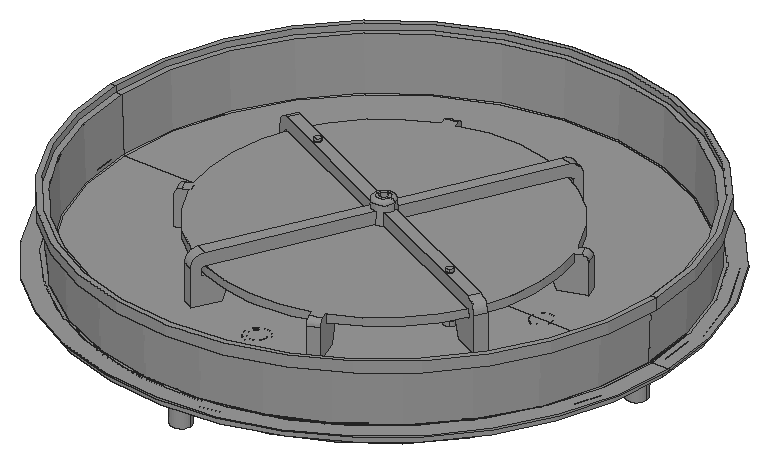
Revit family "MH-Overflow_Updated", category Plumbing Fixtures, Revit 2020
Family settings
  Round Connector Dimension = Use Diameter
  Part Type = Normal
  OmniClass Number = 23.70.50.21.24.11
  OmniClass Title = Roof Waste Water Drains
  Work Plane-Based = No
  Always vertical = Yes
  Cut with Voids When Loaded = No
  Shared = No
  Room Calculation Point = No
Parameters (values of type "MH-300_3"Ø")
  r2 = (12.59843" - 11.14173") / 2  # 0.72835"
  od3 = 0.19497"
  od2 = od1 - 0.07874"  # 0.31496"
  od1 = 0.3937"
  max dia = 141/256"
  linearW = 3.54331"
  linearL = 1.65354"
  id3 = od3 / 2  # 0.09748"
  id1 = od1 / 2  # 0.19685"
  URL = "www.mifab.com"
  SC2 = SC1 / 1.5  # 0.11087"
  SC1 = 0.1663"
  RP2 = id1  # 0.19685"
  Model = "MH-300"
  Manufacturer = "MIFAB\r\n\r\nMIFAB\r\nMIFAB"
  Flow [instance] = 0.0 L/s
  Description = "3\" HydroMax Siphonic Overflow Roof Drain"
  Default Elevation = 0"
  C'1 = C' + 0.41339"  # 5.74803"
  C' = C / 2  # 5.33465"
  RP1 = od2 / 2  # 0.15748"
  R1 = 1.9685" / 9.375  # 0.20997"
  PIPE SIZE' = PIPE SIZE / 2  # 1 1/2"
  PIPE SIZE = 3"
  Material [instance] = Stainless Steel AISI 304
  D = 3.54331"
  C = 10.66929"
  B01 = B' - od1  # 8.52362"
  B' = B / 2  # 8.91732"
  B = 17.83465"
  A' = A / 2  # 9.68504"
  A = 19.37008"
Types (5): name | od3 | od2 | od1 | max dia | linearW | linearL | id3 | id1 | RP2 | Model | Description | C'1 | C' | RP1 | PIPE SIZE' | PIPE SIZE | D | C | B01 | B' | B | A' | A
  (no name) | 0.19497" | 0.31496" | 0.3937" | 141/256" | 3.54331" | 1.65354" | 0.09748" | 0.19685" | 0.19685" | "MH-300" | "3\" HydroMax Siphonic Overflow Roof Drain" | 5.74803" | 5.33465" | 0.15748" | 1 1/2" | 3" | 3.54331" | 10.66929" | 8.52362" | 8.91732" | 17.83465" | 9.68504" | 19.37008"
  MH-300_3"Ø | 0.19497" | 0.31496" | 0.3937" | 141/256" | 3.54331" | 1.65354" | 0.09748" | 0.19685" | 0.19685" | "MH-300" | "3\" HydroMax Siphonic Overflow Roof Drain" | 5.74803" | 5.33465" | 0.15748" | 1 1/2" | 3" | 3.54331" | 10.66929" | 8.52362" | 8.91732" | 17.83465" | 9.68504" | 19.37008"
  MH-400_4"Ø | 0.19497" | 0.3937" | 0.47244" | 141/256" | 3.93701" | 1.83071" | 0.09748" | 0.23622" | 0.23622" | "MH-400" | "4\" HydroMax Siphonic Overflow Roof Drain" | 6.51575" | 6.10236" | 0.19685" | 2" | 4" | 4.33071" | 12.20472" | 8.44488" | 8.91732" | 17.83465" | 9.68504" | 19.37008"
  MH-600_6"Ø | 0.27559" | 0.47244" | 0.55118" | 1 17/64" | 5.51181" | 2.55906" | 0.1378" | 0.27559" | 0.27559" | "MH-600" | "6\" HydroMax Siphonic Overflow Roof Drain" | 8.18898" | 7.77559" | 0.23622" | 3" | 6" | 4.72441" | 15.55118" | 10.59055" | 11.14173" | 22.28346" | 12.59843" | 25.19685"
  MH-500_5"Ø | 0.19497" | 0.3937" | 0.47244" | 141/256" | 3.93701" | 1.83071" | 0.09748" | 0.23622" | 0.23622" | "MH-500" | "5\" HydroMax Siphonic Overflow Roof Drain" | 6.51575" | 6.10236" | 0.19685" | 2 1/2" | 5" | 4.33071" | 12.20472" | 8.44488" | 8.91732" | 17.83465" | 9.68504" | 19.37008"
Reference planes (in)
  plane 1 "Center (Front/Back)": y = 0
  plane 2: z = 0
  plane 3 "Center (Left/Right)": x = 0
  plane 4: x = -8.91732
  plane 5: x = -1.5
  plane 6: z = -3.54331
  plane 7: x = -10.67639
  plane 8 "30.16": z = -1.1874
  plane 9: y = 8.91732
  plane 10: y = -8.91732
  plane 11: x = 8.91732
  plane 12: y = 8.52362
  plane 13: y = -8.52362
  plane 14: x = -8.52362
  plane 15: x = 8.52362
  plane 16: z = -1.50236
  plane 17: x = 5.33465
  plane 18: x = -5.33465
  plane 19: y = 5.33465
  plane 20: y = -5.33465
  plane 21: through (-3.9624, 1.85193, 47.24409) normal (0.4226, 0.9063, 0)
  plane 22: through (1.68821, 3.64509, 47.24409) normal (0.9063, -0.4226, 0)
  plane 23: through (0.00098, -0.00221, 47.24409) normal (0.342, -0.9397, 0)
  plane 24: through (0, 0, 47.24409) normal (0.9397, 0.342, 0)
  plane 25: x = 3.54331
  plane 26: y = -1.65354
  plane 27: through (27.53366, 1.85193, 47.24409) normal (0.4226, 0.9063, 0)
  plane 28: through (31.50514, 0, 47.24409) normal (-0.9063, 0.4226, 0)
  plane 29: z = 2.02323
Forms (in)
  Revolve 1, solid, material "Stainless Steel AISI 304" <- "Material"
    sketch origin (0, 0, 0) x (1, 0, 0) y (0, 0, 1)
      loop
        line (-1.5, -3.54331) -> (-1.38189, -3.54331) -> (-1.38189, -1.69291)
        arc (-1.38189, -1.69291) -> (-1.66812, -0.99713) -> (-2.36298, -0.70866) r 0.98109
        line (-2.36298, -0.70866) -> (-8.46127, -0.70866) -> (-8.86685, -0.1456)
        arc (-8.86685, -0.1456) -> (-8.99458, -0.06025) -> (-9.14524, -0.03028) r 0.3937
        line (-9.14524, -0.03028) -> (-9.37992, -0.03028) -> (-9.37992, -0.30588) -> (-9.22244, -0.30588)
        arc (-9.22244, -0.30588) -> (-9.06988, -0.23141) -> (-8.91732, -0.30588) r 0.19351
        line (-8.91732, -0.30588) -> (-8.50725, -0.82677) -> (-2.48425, -0.82677)
        arc (-2.48425, -0.82677) -> (-1.78828, -1.11505) -> (-1.5, -1.81102) r 0.98425
        line (-1.5, -1.81102) -> (-1.5, -3.54331)
      axis (0, -0.03028) -> (0, -3.54331)
    angle from 0 to 360
  Extrusion 2, void
    sketch origin (0, 0, 0) x (1, 0, 0) y (0, 1, 0)
      loop
        circle (0, 8.52362) r 0.19685
      loop
        circle (8.52362, 0) r 0.19685
      loop
        circle (-8.52362, 0) r 0.19685
      loop
        circle (0, -8.52362) r 0.19685
    from -1.9685 to -0.82677
  Revolve 3, solid, material "Stainless Steel AISI 304" <- "Material"
    sketch origin (0, 0, 0) x (1, 0, 0) y (0, 0, 1)
      loop
        line (-9.5889, -0.03028) -> (-9.03812, -0.03028)
        arc (-9.03812, -0.03028) -> (-8.97477, -0.04007) -> (-8.91732, -0.06851) r 0.20997
        line (-8.91732, -0.06851) -> (-8.80162, -0.22777) -> (0, -0.22777) -> (0, -0.1884) -> (-8.78156, -0.1884) -> (-8.88876, -0.04085)
        arc (-8.88876, -0.04085) -> (-8.95941, -0.00387) -> (-9.03812, 0.00889) r 0.24915
        line (-9.03812, 0.00889) -> (-9.5889, 0.00889) -> (-9.5889, -0.03028)
      axis (0, -0.22777) -> (0, 0.00889)
    angle from 0 to 360
  Revolve 4, void
    sketch origin (0, 0, 0) x (1, 0, 0) y (0, 0, 1)
      loop
        line (-5.33465, 0.00889) -> (-5.69075, 0.00889)
        arc (-5.69075, 0.00889) -> (-5.6605, -0.02595) -> (-5.64961, -0.07078) r 0.09771
        line (-5.64961, -0.07078) -> (-5.64961, -0.30588) -> (-5.33465, -0.30588) -> (-5.33465, 0.00889)
      axis (-5.33465, 0.00889) -> (-5.33465, -0.30588)
    angle from 0 to 360
  Revolve 5, solid, material "Stainless Steel AISI 304" <- "Material"
    sketch origin (0, 0, 0) x (1, 0, 0) y (0, 0, 1)
      loop
        line (0, -0.1884) -> (0, 0.02267) -> (-8.73192, 0.02267) -> (-8.76239, 0.05314) -> (-8.82426, 1.82496) -> (-9.01965, 1.82496) -> (-9.01965, 2.02323) -> (-9.17713, 2.02323) -> (-9.17713, 1.66748) -> (-8.97634, 1.66748) -> (-8.91732, -0.02246) -> (-8.88876, -0.04085) -> (-8.78156, -0.1884) -> (0, -0.1884)
      axis (0, -0.1884) -> (0, 2.02323)
    angle from 0 to 360
  Revolve 6, void
    sketch origin (0, 0, 0) x (-1, 0, 0) y (0, 0, 1)
      loop
        line (-5.33465, 0.00889) -> (-5.69075, 0.00889)
        arc (-5.69075, 0.00889) -> (-5.6605, -0.02595) -> (-5.64961, -0.07078) r 0.09771
        line (-5.64961, -0.07078) -> (-5.64961, -0.30588) -> (-5.33465, -0.30588) -> (-5.33465, 0.00889)
      axis (-5.33465, 0.00889) -> (-5.33465, -0.30588)
    angle from 0 to 360
  Revolve 7, void
    sketch origin (-3.64173, -5.33465, 0) x (-1, 0, 0) y (0, 0, 1)
      loop
        line (-3.64173, 0.00889) -> (-4.03721, 0.00889)
        arc (-4.03721, 0.00889) -> (-4.00696, -0.02595) -> (-3.99606, -0.07078) r 0.09771
        line (-3.99606, -0.07078) -> (-3.99606, -0.30588) -> (-3.64173, -0.30588) -> (-3.64173, 0.00889)
      axis (-3.64173, 0.00889) -> (-3.64173, -0.30588)
    angle from 0 to 360
  Revolve 8, void
    sketch origin (-3.64173, 5.33465, 0) x (-1, 0, 0) y (0, 0, 1)
      loop
        line (-3.64173, 0.00889) -> (-4.03721, 0.00889)
        arc (-4.03721, 0.00889) -> (-4.00696, -0.02595) -> (-3.99606, -0.07078) r 0.09771
        line (-3.99606, -0.07078) -> (-3.99606, -0.30588) -> (-3.64173, -0.30588) -> (-3.64173, 0.00889)
      axis (-3.64173, 0.00889) -> (-3.64173, -0.30588)
    angle from 0 to 360
  Revolve 9, solid, material "Stainless Steel AISI 304" <- "Material"
    sketch origin (0, 0, 0) x (1, 0, 0) y (0, 0, 1)
      loop
        line (-5.61182, 0.00889) -> (-5.54483, -0.13565) -> (-5.50095, -0.13565) -> (-5.50095, -1.07116) -> (-5.46408, -1.10803) -> (-5.45193, -1.15338) -> (-5.41791, -1.1874) -> (-5.33465, -1.1874) -> (-5.33465, 0.00889) -> (-5.61182, 0.00889)
      axis (-5.33465, -1.1874) -> (-5.33465, 0.00889)
    angle from 0 to 360
  Revolve 10, solid, material "Stainless Steel AISI 304" <- "Material"
    sketch origin (0, 0, 0) x (-1, 0, 0) y (0, 0, 1)
      loop
        line (-5.61182, 0.00889) -> (-5.54483, -0.13565) -> (-5.50095, -0.13565) -> (-5.50095, -1.07116) -> (-5.46408, -1.10803) -> (-5.45193, -1.15338) -> (-5.41791, -1.1874) -> (-5.33465, -1.1874) -> (-5.33465, 0.00889) -> (-5.61182, 0.00889)
      axis (-5.33465, -1.1874) -> (-5.33465, 0.00889)
    angle from 0 to 360
  Revolve 11, solid, material "Stainless Steel AISI 304" <- "Material"
    sketch origin (-3.64173, -5.33465, 0) x (-1, 0, 0) y (0, 0, 1)
      loop
        line (-3.91891, 0.00889) -> (-3.85191, -0.13565) -> (-3.80804, -0.13565) -> (-3.80804, -1.07116) -> (-3.77117, -1.10803) -> (-3.75901, -1.15338) -> (-3.725, -1.1874) -> (-3.64173, -1.1874) -> (-3.64173, 0.00889) -> (-3.91891, 0.00889)
      axis (-3.64173, -1.1874) -> (-3.64173, 0.00889)
    angle from 0 to 360
  Revolve 12, solid, material "Stainless Steel AISI 304" <- "Material"
    sketch origin (-3.64173, 5.33465, 0) x (-1, 0, 0) y (0, 0, 1)
      loop
        line (-3.91891, 0.00889) -> (-3.85191, -0.13565) -> (-3.80804, -0.13565) -> (-3.80804, -1.07116) -> (-3.77117, -1.10803) -> (-3.75901, -1.15338) -> (-3.725, -1.1874) -> (-3.64173, -1.1874) -> (-3.64173, 0.00889) -> (-3.91891, 0.00889)
      axis (-3.64173, -1.1874) -> (-3.64173, 0.00889)
    angle from 0 to 360
  Revolve 13, solid, material "Stainless Steel AISI 304" <- "Material"
    sketch origin (0, 0, 0) x (0, -1, 0) y (0, 0, 1)
      loop
        line (-5.64402, -1.50493) -> (-5.33465, -1.50493) -> (-5.33465, -0.82677) -> (-5.78802, -0.82677)
        arc (-5.78802, -0.82677) -> (-5.7449, -0.85705) -> (-5.72835, -0.90707) r 0.08386
        line (-5.72835, -0.90707) -> (-5.68154, -1.47078)
        arc (-5.68154, -1.47078) -> (-5.66939, -1.49511) -> (-5.64402, -1.50493) r 0.03769
      axis (-5.33465, -1.50493) -> (-5.33465, -0.82677)
    angle from 0 to 360
  Revolve 14, solid, material "Stainless Steel AISI 304" <- "Material"
    sketch origin (5.33465, -7.77559, 0) x (0, -1, 0) y (0, 0, 1)
      loop
        line (-8.08496, -1.50493) -> (-7.77559, -1.50493) -> (-7.77559, -0.82677) -> (-8.22896, -0.82677)
        arc (-8.22896, -0.82677) -> (-8.18584, -0.85705) -> (-8.16929, -0.90707) r 0.08386
        line (-8.16929, -0.90707) -> (-8.12249, -1.47078)
        arc (-8.12249, -1.47078) -> (-8.11033, -1.49511) -> (-8.08496, -1.50493) r 0.03769
      axis (-7.77559, -1.50493) -> (-7.77559, -0.82677)
    angle from 0 to 360
  Revolve 15, solid, material "Stainless Steel AISI 304" <- "Material"
    sketch origin (0, 0, 0) x (1, 0, 0) y (0, 0, 1)
      loop
        arc (8.85568, -0.42226) -> (8.87954, -0.36038) -> (8.91732, -0.30588) r 0.27909
        line (8.91732, -0.30588) -> (8.52362, -0.30588) -> (8.52362, -1.1874) -> (8.83858, -1.1874) -> (8.85568, -0.42226)
      axis (8.52362, -1.1874) -> (8.52362, -0.30588)
    angle from 0 to 360
  Revolve 16, solid, material "Stainless Steel AISI 304" <- "Material"
    sketch origin (0, 0, 0) x (-1, 0, 0) y (0, 0, 1)
      loop
        arc (8.85129, -0.42524) -> (8.87699, -0.36204) -> (8.91732, -0.30702) r 0.27767
        line (8.91732, -0.30702) -> (8.52362, -0.30702) -> (8.52362, -1.30551) -> (8.83858, -1.30551) -> (8.85129, -0.42524)
      axis (8.52362, -1.30551) -> (8.52362, -0.30702)
    angle from 0 to 360
  Extrusion 17, solid, material "Stainless Steel AISI 304" <- "Material"
    sketch origin (-1.52233, 1.38829, 0) x (-0.422618, -0.906308, 0) y (0, 0, -1)
      loop
        line (-5.13701, -0.00889) -> (-5.13701, -1.18999)
        arc (-5.13701, -1.18999) -> (-5.0217, -1.46838) -> (-4.74331, -1.58369) r 0.3937
        line (-4.74331, -1.58369) -> (-3.71723, -1.58369)
        arc (-3.71723, -1.58369) -> (-3.67463, -1.56128) -> (-3.66897, -1.51347) r 0.05169
        line (-3.66897, -1.51347) -> (-3.74878, -1.30555)
        arc (-3.74878, -1.30555) -> (-3.81355, -1.2234) -> (-3.91346, -1.19237) r 0.1764
        line (-3.91346, -1.19237) -> (-4.7274, -1.19237)
        arc (-4.7274, -1.19237) -> (-4.82272, -1.15289) -> (-4.8622, -1.05757) r 0.1348
        line (-4.8622, -1.05757) -> (-4.8622, -0.92777) -> (-4.02904, -0.92777)
        arc (-4.02904, -0.92777) -> (-3.95244, -0.88747) -> (-3.94226, -0.80151) r 0.09295
        line (-3.94226, -0.80151) -> (-4.24652, -0.00889) -> (-5.13701, -0.00889)
    from 1.76357 to 2.14838
  Extrusion 18, solid, material "Stainless Steel AISI 304" <- "Material"
    sketch origin (1.37256, 1.52238, 0) x (-0.906308, 0.422618, 0) y (0, 0, -1)
      loop
        line (-5.13701, -0.00889) -> (-5.13701, -1.18999)
        arc (-5.13701, -1.18999) -> (-5.0217, -1.46838) -> (-4.74331, -1.58369) r 0.3937
        line (-4.74331, -1.58369) -> (-3.71723, -1.58369)
        arc (-3.71723, -1.58369) -> (-3.67463, -1.56128) -> (-3.66897, -1.51347) r 0.05169
        line (-3.66897, -1.51347) -> (-3.74878, -1.30555)
        arc (-3.74878, -1.30555) -> (-3.81355, -1.2234) -> (-3.91346, -1.19237) r 0.1764
        line (-3.91346, -1.19237) -> (-4.7274, -1.19237)
        arc (-4.7274, -1.19237) -> (-4.82272, -1.15289) -> (-4.8622, -1.05757) r 0.1348
        line (-4.8622, -1.05757) -> (-4.8622, -0.92777) -> (-4.02904, -0.92777)
        arc (-4.02904, -0.92777) -> (-3.95244, -0.88747) -> (-3.94226, -0.80151) r 0.09295
        line (-3.94226, -0.80151) -> (-4.24652, -0.00889) -> (-5.13701, -0.00889)
    from 1.76357 to 2.14838
  Extrusion 19, solid, material "Stainless Steel AISI 304" <- "Material"
    sketch origin (0.26502, 2.03883, 0) x (0.906308, -0.422618, 0) y (0, 0, 1)
      loop
        line (-5.13701, 0.00889) -> (-4.24652, 0.00889) -> (-3.94226, 0.80151)
        arc (-3.94226, 0.80151) -> (-3.95244, 0.88747) -> (-4.02904, 0.92777) r 0.09295
        line (-4.02904, 0.92777) -> (-4.8622, 0.92777) -> (-4.8622, 1.05757)
        arc (-4.8622, 1.05757) -> (-4.82272, 1.15289) -> (-4.7274, 1.19237) r 0.1348
        line (-4.7274, 1.19237) -> (-3.91346, 1.19237)
        arc (-3.91346, 1.19237) -> (-3.81355, 1.2234) -> (-3.74878, 1.30555) r 0.1764
        line (-3.74878, 1.30555) -> (-3.66897, 1.51347)
        arc (-3.66897, 1.51347) -> (-3.67463, 1.56128) -> (-3.71723, 1.58369) r 0.05169
        line (-3.71723, 1.58369) -> (-4.74331, 1.58369)
        arc (-4.74331, 1.58369) -> (-5.0217, 1.46838) -> (-5.13701, 1.18999) r 0.3937
        line (-5.13701, 1.18999) -> (-5.13701, 0.00889)
    from 1.76357 to 2.14838
  Extrusion 20, solid, material "Stainless Steel AISI 304" <- "Material"
    sketch origin (0.09564, -2.04927, 0) x (0.939693, 0.34202, 0) y (0, 0, -1)
      loop
        line (-5.13701, -0.00889) -> (-5.13701, -0.99552)
        arc (-5.13701, -0.99552) -> (-5.07936, -1.13472) -> (-4.94016, -1.19237) r 0.19685
        line (-4.94016, -1.19237) -> (-4.59944, -1.19237)
        arc (-4.59944, -1.19237) -> (-4.69476, -1.15289) -> (-4.73424, -1.05757) r 0.1348
        line (-4.73424, -1.05757) -> (-4.73424, -0.92777) -> (-4.02904, -0.92777)
        arc (-4.02904, -0.92777) -> (-3.95244, -0.88747) -> (-3.94226, -0.80151) r 0.09295
        line (-3.94226, -0.80151) -> (-4.24652, -0.00889) -> (-5.13701, -0.00889)
    from 1.76357 to 2.14838
  Extrusion 21, solid, material "Stainless Steel AISI 304" <- "Material"
    sketch origin (-2.03878, 0.28075, 0) x (0.422618, 0.906308, 0) y (0, 0, 1)
      loop
        line (-5.13701, 0.00889) -> (-4.24652, 0.00889) -> (-3.94226, 0.80151)
        arc (-3.94226, 0.80151) -> (-3.95244, 0.88747) -> (-4.02904, 0.92777) r 0.09295
        line (-4.02904, 0.92777) -> (-4.8622, 0.92777) -> (-4.8622, 1.05757)
        arc (-4.8622, 1.05757) -> (-4.82272, 1.15289) -> (-4.7274, 1.19237) r 0.1348
        line (-4.7274, 1.19237) -> (-3.91346, 1.19237)
        arc (-3.91346, 1.19237) -> (-3.81355, 1.2234) -> (-3.74878, 1.30555) r 0.1764
        line (-3.74878, 1.30555) -> (-3.66897, 1.51347)
        arc (-3.66897, 1.51347) -> (-3.67463, 1.56128) -> (-3.71723, 1.58369) r 0.05169
        line (-3.71723, 1.58369) -> (-4.74331, 1.58369)
        arc (-4.74331, 1.58369) -> (-5.0217, 1.46838) -> (-5.13701, 1.18999) r 0.3937
        line (-5.13701, 1.18999) -> (-5.13701, 0.00889)
    from 1.76357 to 2.14838
  Extrusion 22, solid, material "Stainless Steel AISI 304" <- "Material"
    sketch origin (-0.00697, 0.00917, 0) x (0.707107, 0.707107, 0) y (-0.707107, 0.707107, 0)
      loop
        circle (-0.00338, -0.01323) r 5.33465
    from 0.92777 to 1.19237
  Revolve 23, solid, material "Stainless Steel AISI 304" <- "Material"
    sketch origin (0, 0, 0) x (0, 1, 0) y (0, 0, 1)
      loop
        line (-5.64402, -1.50107) -> (-5.33465, -1.50107) -> (-5.33465, -0.82677) -> (-5.78802, -0.82677)
        arc (-5.78802, -0.82677) -> (-5.7449, -0.85705) -> (-5.72835, -0.90707) r 0.08386
        line (-5.72835, -0.90707) -> (-5.68163, -1.46575)
        arc (-5.68163, -1.46575) -> (-5.66982, -1.49085) -> (-5.64402, -1.50107) r 0.03769
      axis (-5.33465, -1.50107) -> (-5.33465, -0.82677)
    angle from 0 to 360
  Extrusion 24, solid, material "Stainless Steel AISI 304" <- "Material"
    sketch origin (0, 0, 0) x (1, 0, 0) y (0, 1, 0)
      loop
        line (-4.32895, 2.23516) -> (-4.49158, 1.88639) -> (4.31327, -2.21938) -> (4.4759, -1.87062) -> (-4.32895, 2.23516)
    from 1.19237 to 1.58369
  Extrusion 25, solid, material "Stainless Steel AISI 304" <- "Material"
    sketch origin (0.00005, 0.01573, 0) x (0, 1, 0) y (-1, 0, 0)
      loop
        line (4.31327, -2.21938) -> (4.4759, -1.87062) -> (-4.32895, 2.23516) -> (-4.49158, 1.88639) -> (4.31327, -2.21938)
    from 1.19237 to 1.58369
  Extrusion 26, solid, material "Stainless Steel AISI 304" <- "Material"
    sketch origin (2.04782, 0.09254, 0) x (-0.34202, 0.939693, 0) y (0, 0, -1)
      loop
        line (-5.13701, -0.00889) -> (-5.13701, -0.99552)
        arc (-5.13701, -0.99552) -> (-5.07936, -1.13472) -> (-4.94016, -1.19237) r 0.19685
        line (-4.94016, -1.19237) -> (-4.59944, -1.19237)
        arc (-4.59944, -1.19237) -> (-4.69476, -1.15289) -> (-4.73424, -1.05757) r 0.1348
        line (-4.73424, -1.05757) -> (-4.73424, -0.92777) -> (-4.02904, -0.92777)
        arc (-4.02904, -0.92777) -> (-3.95244, -0.88747) -> (-3.94226, -0.80151) r 0.09295
        line (-3.94226, -0.80151) -> (-4.24652, -0.00889) -> (-5.13701, -0.00889)
    from 1.76357 to 2.14838
  Extrusion 27, solid, material "Stainless Steel AISI 304" <- "Material"
    sketch origin (1.62986, 1.24088, 0) x (0.34202, -0.939693, 0) y (0, 0, 1)
      loop
        line (-5.13701, 0.00889) -> (-4.24652, 0.00889) -> (-3.94226, 0.80151)
        arc (-3.94226, 0.80151) -> (-3.95244, 0.88747) -> (-4.02904, 0.92777) r 0.09295
        line (-4.02904, 0.92777) -> (-4.73424, 0.92777) -> (-4.73424, 1.05757)
        arc (-4.73424, 1.05757) -> (-4.69476, 1.15289) -> (-4.59944, 1.19237) r 0.1348
        line (-4.59944, 1.19237) -> (-4.94016, 1.19237)
        arc (-4.94016, 1.19237) -> (-5.07936, 1.13472) -> (-5.13701, 0.99552) r 0.19685
        line (-5.13701, 0.99552) -> (-5.13701, 0.00889)
    from 1.76357 to 2.14838
  Extrusion 28, solid, material "Stainless Steel AISI 304" <- "Material"
    sketch origin (1.24398, -1.6313, 0) x (-0.939693, -0.34202, 0) y (0, 0, 1)
      loop
        line (-5.13701, 0.00889) -> (-4.24652, 0.00889) -> (-3.94226, 0.80151)
        arc (-3.94226, 0.80151) -> (-3.95244, 0.88747) -> (-4.02904, 0.92777) r 0.09295
        line (-4.02904, 0.92777) -> (-4.73424, 0.92777) -> (-4.73424, 1.05757)
        arc (-4.73424, 1.05757) -> (-4.69476, 1.15289) -> (-4.59944, 1.19237) r 0.1348
        line (-4.59944, 1.19237) -> (-4.94016, 1.19237)
        arc (-4.94016, 1.19237) -> (-5.07936, 1.13472) -> (-5.13701, 0.99552) r 0.19685
        line (-5.13701, 0.99552) -> (-5.13701, 0.00889)
    from 1.76357 to 2.14838
  Revolve 29, solid, material "Stainless Steel AISI 304" <- "Material"
    sketch origin (-5.33465, -7.77559, 0) x (0, -1, 0) y (0, 0, 1)
      loop
        line (-8.08496, -1.50493) -> (-7.77559, -1.50493) -> (-7.77559, -0.82677) -> (-8.22896, -0.82677)
        arc (-8.22896, -0.82677) -> (-8.18584, -0.85705) -> (-8.16929, -0.90707) r 0.08386
        line (-8.16929, -0.90707) -> (-8.12249, -1.47078)
        arc (-8.12249, -1.47078) -> (-8.11033, -1.49511) -> (-8.08496, -1.50493) r 0.03769
      axis (-7.77559, -1.50493) -> (-7.77559, -0.82677)
    angle from 0 to 360
  Revolve 30, solid, material "Stainless Steel AISI 304" <- "Material"
    sketch origin (0, 0, 0) x (1, 0, 0) y (0, 0, 1)
      loop
        line (-0.1378, 1.89029) -> (-0.22757, 1.89029)
        arc (-0.22757, 1.89029) -> (-0.31424, 1.85615) -> (-0.35435, 1.77207) r 0.12709
        line (-0.35435, 1.77207) -> (-0.41339, 0.92777) -> (-0.1378, 0.92777) -> (-0.1378, 1.89029)
      axis (0, 0.92777) -> (0, 1.89029)
    angle from 0 to 360
  Extrusion 31, solid, material "Stainless Steel AISI 304" <- "Material"
    sketch origin (0, 0, 0) x (1, 0, 0) y (0, 1, 0)
      loop
        circle (-3.54331, 1.65354) r 0.11087
    from 0 to 1.58369
  Extrusion 32, solid, material "Stainless Steel AISI 304" <- "Material"
    sketch origin (0, 0, 0) x (1, 0, 0) y (0, 1, 0)
      loop
        circle (-3.54331, 1.65354) r 0.09748
    from 1.58369 to 1.65396
  Extrusion 33, solid, material "Stainless Steel AISI 304" <- "Material"
    sketch origin (0, 0, 0) x (1, 0, 0) y (0, 1, 0)
      loop
        circle (-3.54331, 1.65354) r 0.19685
    from 0 to 0.14616
  Extrusion 34, solid, material "Stainless Steel AISI 304" <- "Material"
    sketch origin (-0.01892, 0.00882, 0) x (-0.642788, 0.766044, 0) y (-0.766044, -0.642788, 0)
      loop
        circle (-3.5632, -1.66028) r 0.11087
    from 0 to 1.58369
  Extrusion 35, solid, material "Stainless Steel AISI 304" <- "Material"
    sketch origin (-0.01892, 0.00882, 0) x (-0.642788, 0.766044, 0) y (-0.766044, -0.642788, 0)
      loop
        circle (-3.5632, -1.66028) r 0.09748
    from 1.58369 to 1.65396
  Extrusion 36, solid, material "Stainless Steel AISI 304" <- "Material"
    sketch origin (-0.01892, 0.00882, 0) x (-0.642788, 0.766044, 0) y (-0.766044, -0.642788, 0)
      loop
        circle (-3.5632, -1.66028) r 0.19685
    from 0 to 0.14616
  Revolve 37, solid, material "Stainless Steel AISI 304" <- "Material"
    sketch origin (5.49213, 8.52362, 0) x (-1, 0, 0) y (0, 0, 1)
      loop
        arc (5.81041, -0.4128) -> (5.83851, -0.33845) -> (5.88583, -0.27459) r 0.28864
        line (5.88583, -0.27459) -> (5.49213, -0.27459) -> (5.49213, -1.30551) -> (5.80709, -1.30551) -> (5.81041, -0.4128)
      axis (5.49213, -1.30551) -> (5.49213, -0.27459)
    angle from 0 to 360
  Revolve 38, solid, material "Stainless Steel AISI 304" <- "Material"
    sketch origin (10.57418, -8.52362, 0) x (-1, 0, 0) y (0, 0, 1)
      loop
        arc (10.90624, -0.42226) -> (10.9301, -0.36038) -> (10.96788, -0.30588) r 0.27909
        line (10.96788, -0.30588) -> (10.57418, -0.30588) -> (10.57418, -1.22677) -> (10.88914, -1.22677) -> (10.90624, -0.42226)
      axis (10.57418, -1.22677) -> (10.57418, -0.30588)
    angle from 0 to 360
Cuts and joins
  Revolve 4 cuts Revolve 3
  Revolve 4, Revolve 6, Revolve 7, Revolve 8 cuts Revolve 5
  Revolve 4 cuts Revolve 1
  Extrusion 2 cuts Revolve 15
  Extrusion 2 cuts Revolve 16
  joined: Extrusion 17, Extrusion 18, Extrusion 19, Extrusion 21, Extrusion 24, Extrusion 25
  Extrusion 2 cuts Revolve 37
  Extrusion 2 cuts Revolve 38
  joined: Extrusion 20, Extrusion 22, Extrusion 26, Extrusion 27, Extrusion 28
Lines and regions (in)
  model lines
    curve 1: circle (0, 0, 0) r 5.88583 normal (0, 0, 1)
    curve 2: circle (0, 0, 0) r 6.10236 normal (0, 0, 1)
    curve 3: circle (0, 0, 0) r 3.64173 normal (0, 0, 1)
    curve 4: circle (0, -0.00257, 0) r 3.05103 normal (0, 0, 1)
    curve 7: circle (0, 0, 0) r 5.88583 normal (0, 0, 1)
  reference lines
    curve 5: line (-3.54331, 2.47005, 0) -> (-3.54331, -1.17383, 0)
    curve 6: line (-1.54238, 1.65354, 0) -> (3.03728, 1.65354, 0)
Dimensions and locks (in)
  "B'": plane 4 to plane 3 "Center (Left/Right)"  (x2)
  "PIPE SIZE'": plane 3 "Center (Left/Right)" to plane 5
  "D": level to plane 6
  Revolve 1 sketch curve to Revolve 1 sketch curve = 0.11811"
  locked: Revolve 1 sketch curve to Revolve 1 sketch curve at 0.27559
  "RP1": Revolve 1 sketch curve to Revolve 1 sketch curve
  locked: level to plane 8 "30.16" at 1.1874
  "B'": plane 10 to plane 1 "Center (Front/Back)"
  "B'": plane 9 to plane 1 "Center (Front/Back)"
  "B'": plane 11 to plane 3 "Center (Left/Right)"
  "B01": plane 12 to plane 1 "Center (Front/Back)"
  "B01": plane 1 "Center (Front/Back)" to plane 13
  "B01": plane 3 "Center (Left/Right)" to plane 15
  "B01": plane 14 to plane 3 "Center (Left/Right)"
  locked: Revolve 3 sketch curve to Revolve 3 sketch curve at 0.03937
  plane 8 "30.16" to plane 16 = 0.31496"
  "C'": plane 3 "Center (Left/Right)" to plane 17
  "C'": plane 18 to plane 3 "Center (Left/Right)"
  "od2": Revolve 4 sketch curve to Revolve 4 sketch curve
  "od2": plane 17 to Revolve 6 sketch curve
  "C'": plane 1 "Center (Front/Back)" to plane 19
  "C'": plane 20 to plane 1 "Center (Front/Back)"
  "SC1": Revolve 9 sketch curve to Revolve 9 sketch curve
  "SC2": Revolve 9 sketch curve to Revolve 9 sketch curve
  "SC1": Revolve 10 sketch curve to Revolve 10 sketch curve
  "SC2": Revolve 10 sketch curve to Revolve 10 sketch curve
  "SC1": Revolve 11 sketch curve to Revolve 11 sketch curve
  "SC2": Revolve 11 sketch curve to Revolve 11 sketch curve
  "SC1": Revolve 12 sketch curve to Revolve 12 sketch curve
  "SC2": Revolve 12 sketch curve to Revolve 12 sketch curve
  "od1": Revolve 13 sketch curve to Revolve 13 sketch curve
  "od1": Revolve 14 sketch curve to Revolve 14 sketch curve
  "od1": Revolve 15 sketch curve to plane 15
  "RP2": plane 16 to cut or joined group of Extrusion 2, Revolve 16
  "C'1": plane 22 to Extrusion 18
  "C'1": plane 22 to Extrusion 19
  "C'1": plane 24 to Extrusion 20
  "C'1": plane 21 to Extrusion 17
  "C'1": plane 21 to Extrusion 21
  "od1": Revolve 23 sketch curve to Revolve 23 sketch curve
  "C'1": plane 23 to Extrusion 26
  "C'1": plane 23 to Extrusion 27
  "C'1": plane 24 to Extrusion 28
  "od1": Revolve 29 sketch curve to Revolve 29 sketch curve
  "linearL": plane 1 "Center (Front/Back)" to curve 6
  "linearW": curve 5 to plane 3 "Center (Left/Right)"
  "linearL": plane 1 "Center (Front/Back)" to plane 26
  "linearW": plane 3 "Center (Left/Right)" to plane 25
  "od1": Revolve 37 sketch curve to Revolve 37 sketch curve
  "od2": Revolve 37 sketch curve to Revolve 37 sketch curve
  "od1": Revolve 38 sketch curve to Revolve 38 sketch curve
  "od2": Revolve 38 sketch curve to Revolve 38 sketch curve
  "od2": Revolve 15 sketch curve to Revolve 15 sketch curve
  "od1": Revolve 16 sketch curve to Revolve 16 sketch curve
  "od2": Revolve 16 sketch curve to Revolve 16 sketch curve
  plane 29 to level = 2.02323"
  "max dia": Revolve 3 sketch curve to Revolve 3 sketch curve
  "id1": radius of Extrusion 2 sketch curve  (x4)
  "R1": radius of Revolve 3 sketch curve
  radius of Extrusion 22 sketch curve = 5.33465"
  "C'": radius of Extrusion 22 sketch curve
  "id1": radius of Extrusion 33 sketch curve
  "id3": radius of Extrusion 32 sketch curve
  "SC2": radius of Extrusion 31 sketch curve
  "id1": radius of Extrusion 36 sketch curve
  "id3": radius of Extrusion 35 sketch curve
  "SC2": radius of Extrusion 34 sketch curve
  angle plane 22 to plane 3 "Center (Left/Right)" = 25.00°
  angle plane 21 to plane 22 = 90.00°
  locked: plane 21 to plane 3 "Center (Left/Right)" (angle 115.00°)
  angle plane 23 to plane 22 = 45.00°
  aligned and locked: plane 5 to Revolve 1 sketch curve
  aligned and locked: plane 2 to Revolve 1 sketch curve
  aligned and locked: Revolve 1 sketch curve to plane 3 "Center (Left/Right)"
  aligned and locked: plane 4 to Revolve 1 sketch curve
  aligned and locked: plane 12 to Extrusion 2 sketch curve
  aligned and locked: plane 3 "Center (Left/Right)" to Extrusion 2 sketch curve  (x2)
  aligned and locked: plane 15 to Extrusion 2 sketch curve
  aligned and locked: plane 1 "Center (Front/Back)" to Extrusion 2 sketch curve  (x2)
  aligned and locked: Revolve 3 sketch curve to Revolve 1  (x2)
  aligned and locked: Revolve 3 sketch curve to plane 3 "Center (Left/Right)"
  aligned and locked: Revolve 4 sketch curve to plane 18
  aligned and locked: Revolve 4 sketch curve to Revolve 3
  aligned and locked: Revolve 5 sketch curve to Revolve 3
  aligned and locked: plane 3 "Center (Left/Right)" to Revolve 5 sketch curve
  aligned and locked: plane 19 to Revolve 8
  aligned and locked: plane 20 to Revolve 7
  aligned and locked: plane 18 to Revolve 9 sketch curve
  aligned and locked: Revolve 9 sketch curve to Revolve 9 sketch curve
  aligned and locked: Revolve 10 sketch curve to Revolve 10 sketch curve
  aligned and locked: Revolve 11 sketch curve to Revolve 11 sketch curve
  aligned and locked: plane 20 to Revolve 11
  aligned and locked: Revolve 12 sketch curve to Revolve 12 sketch curve
  aligned and locked: plane 19 to Revolve 12
  aligned and locked: Revolve 13 sketch curve to Revolve 13 sketch curve
  aligned and locked: Revolve 14 sketch curve to Revolve 14 sketch curve
  aligned and locked: plane 17 to Revolve 14
  aligned and locked: plane 15 to Revolve 15 sketch curve
  aligned and locked: plane 8 "30.16" to Revolve 15 sketch curve
  aligned and locked: Revolve 15 sketch curve to Revolve 15 sketch curve  (x2)
  aligned and locked: Revolve 16 sketch curve to Revolve 16 sketch curve  (x2)
  aligned and locked: Revolve 23 sketch curve to Revolve 23 sketch curve
  aligned and locked: Extrusion 19 to Extrusion 24 sketch curve
  aligned and locked: Extrusion 24 sketch curve to Extrusion 18  (x2)
  aligned and locked: Revolve 29 sketch curve to Revolve 29 sketch curve
  aligned and locked: plane 18 to Revolve 29
  aligned and locked: plane 3 "Center (Left/Right)" to Revolve 30 sketch curve
  aligned and locked: Extrusion 25 sketch curve to Extrusion 17
  aligned and locked: Extrusion 25 sketch curve to Extrusion 21  (x3)
  aligned and locked: Extrusion 31 sketch curve to curve 6
  aligned and locked: curve 5 to Extrusion 31 sketch curve
  aligned and locked: Extrusion 31 to Extrusion 19
  aligned and locked: plane 14 to Extrusion 2 sketch curve
  aligned and locked: Extrusion 32 sketch curve to curve 6
  aligned and locked: curve 5 to Extrusion 32 sketch curve
  aligned and locked: curve 5 to Extrusion 33 sketch curve
  aligned and locked: Extrusion 33 sketch curve to curve 6
  aligned and locked: plane 26 to Extrusion 36 sketch curve
  aligned and locked: plane 25 to Extrusion 36 sketch curve
  aligned and locked: plane 25 to Extrusion 35 sketch curve
  aligned and locked: plane 26 to Extrusion 35 sketch curve
  aligned and locked: plane 25 to Extrusion 34 sketch curve
  aligned and locked: plane 26 to Extrusion 34 sketch curve
  aligned and locked: plane 13 to Extrusion 2 sketch curve
  aligned and locked: Revolve 37 sketch curve to Revolve 37 sketch curve  (x2)
  aligned and locked: plane 12 to cut or joined group of Extrusion 2, Revolve 37  (x2)
  aligned and locked: Revolve 38 sketch curve to Revolve 38 sketch curve  (x2)
  aligned and locked: plane 13 to Revolve 38
  aligned and locked: Revolve 37 sketch curve to plane 3 "Center (Left/Right)"
  aligned and locked: plane 3 "Center (Left/Right)" to Revolve 38 sketch curve
  aligned and locked: plane 14 to Revolve 16 sketch curve
Automatic sketch dimensions
  curve 1 to curve 2 = 0"  (x2)
  curve 1 to curve 3 = 0"
  curve 1 to curve 7 = 0"
  curve 2 to curve 3 = 0"
  curve 2 to curve 7 = 0"
  plane 1 "Center (Front/Back)" to curve 2 = 0"
  curve 2 to plane 3 "Center (Left/Right)" = 0"
  curve 4 to plane 3 "Center (Left/Right)" = 0"
  plane 23 to curve 4 = 0"
  Revolve 7 sketch curve to plane 3 "Center (Left/Right)" = 0"  (x2)
  Revolve 7 sketch curve to Revolve 7 sketch curve = 0.35433"
  Revolve 7 sketch curve to level = 0.00889"
  Revolve 7 sketch curve to Revolve 7 sketch curve = 0.04114"
  level to Revolve 7 sketch curve = 0.07078"
  Revolve 7 sketch curve to Revolve 7 sketch curve = 0.23509"
  plane 16 to Revolve 7 sketch curve = 139/256"
  Revolve 7 sketch curve to Revolve 7 sketch curve = 0.22923"
  Revolve 8 sketch curve to plane 3 "Center (Left/Right)" = 0"  (x2)
  plane 3 "Center (Left/Right)" to Revolve 8 sketch curve = 0.35433"
  level to Revolve 8 sketch curve = 0.00889"
  Revolve 8 sketch curve to Revolve 8 sketch curve = 0.04114"
  Revolve 8 sketch curve to level = 0.07078"
  Revolve 8 sketch curve to Revolve 8 sketch curve = 0.23509"
  Revolve 8 sketch curve to plane 16 = 139/256"
  Revolve 8 sketch curve to Revolve 8 sketch curve = 0.22923"
  level to Extrusion 17 sketch curve = 0.00889"
  plane 21 to Extrusion 17 sketch curve = 5.74803"
  Extrusion 17 sketch curve to Extrusion 17 sketch curve = 0.27481"
  Extrusion 17 sketch curve to Extrusion 17 sketch curve = 0.11889"
  Extrusion 17 sketch curve to Extrusion 17 sketch curve = 0.01591"
  Extrusion 17 sketch curve to Extrusion 17 sketch curve = 0.89049"
  Extrusion 17 sketch curve to Extrusion 17 sketch curve = 0.69837"
  level to Extrusion 17 sketch curve = 0.80151"
  Extrusion 17 sketch curve to Extrusion 17 sketch curve = 0.08677"
  Extrusion 17 sketch curve to Extrusion 17 sketch curve = 0.11557"
  level to Extrusion 17 sketch curve = 1.30555"
  Extrusion 17 sketch curve to Extrusion 17 sketch curve = 0.16468"
  Extrusion 17 sketch curve to Extrusion 17 sketch curve = 0.03155"
  level to Extrusion 17 sketch curve = 1.51347"
  Extrusion 17 sketch curve to Extrusion 17 sketch curve = 0.04826"
  Extrusion 17 sketch curve to Extrusion 17 sketch curve = 0.01853"
  Extrusion 17 sketch curve to Extrusion 17 sketch curve = 0.06322"
  Extrusion 17 sketch curve to Extrusion 17 sketch curve = 0.12981"
  level to Extrusion 18 sketch curve = 0.00889"
  plane 22 to Extrusion 18 sketch curve = 5.74803"
  Extrusion 18 sketch curve to Extrusion 18 sketch curve = 0.27481"
  Extrusion 18 sketch curve to Extrusion 18 sketch curve = 0.11889"
  Extrusion 18 sketch curve to Extrusion 18 sketch curve = 0.01591"
  Extrusion 18 sketch curve to Extrusion 18 sketch curve = 0.89049"
  Extrusion 18 sketch curve to Extrusion 18 sketch curve = 0.69837"
  level to Extrusion 18 sketch curve = 0.80151"
  Extrusion 18 sketch curve to Extrusion 18 sketch curve = 0.08677"
  Extrusion 18 sketch curve to Extrusion 18 sketch curve = 0.11557"
  level to Extrusion 18 sketch curve = 1.30555"
  Extrusion 18 sketch curve to Extrusion 18 sketch curve = 0.16468"
  Extrusion 18 sketch curve to Extrusion 18 sketch curve = 0.03155"
  level to Extrusion 18 sketch curve = 1.51347"
  Extrusion 18 sketch curve to Extrusion 18 sketch curve = 0.04826"
  Extrusion 18 sketch curve to Extrusion 18 sketch curve = 0.01853"
  Extrusion 18 sketch curve to Extrusion 18 sketch curve = 0.06322"
  Extrusion 18 sketch curve to Extrusion 18 sketch curve = 0.12981"
  level to Extrusion 19 sketch curve = 0.00889"
  Extrusion 19 sketch curve to plane 22 = 5.74803"
  Extrusion 19 sketch curve to Extrusion 19 sketch curve = 0.27481"
  Extrusion 19 sketch curve to Extrusion 19 sketch curve = 0.11889"
  Extrusion 19 sketch curve to Extrusion 19 sketch curve = 0.01591"
  Extrusion 19 sketch curve to Extrusion 19 sketch curve = 0.89049"
  Extrusion 19 sketch curve to Extrusion 19 sketch curve = 0.69837"
  level to Extrusion 19 sketch curve = 0.80151"
  Extrusion 19 sketch curve to Extrusion 19 sketch curve = 0.08677"
  Extrusion 19 sketch curve to Extrusion 19 sketch curve = 0.11557"
  level to Extrusion 19 sketch curve = 1.30555"
  Extrusion 19 sketch curve to Extrusion 19 sketch curve = 0.16468"
  Extrusion 19 sketch curve to Extrusion 19 sketch curve = 0.03155"
  level to Extrusion 19 sketch curve = 1.51347"
  Extrusion 19 sketch curve to Extrusion 19 sketch curve = 0.04826"
  Extrusion 19 sketch curve to Extrusion 19 sketch curve = 0.03331"
  Extrusion 19 sketch curve to Extrusion 19 sketch curve = 0.12981"
  Extrusion 19 sketch curve to Extrusion 19 sketch curve = 0.13242"
  level to Extrusion 20 sketch curve = 0.00889"
  Extrusion 20 sketch curve to plane 24 = 5.74803"
  Extrusion 20 sketch curve to Extrusion 20 sketch curve = 0.19685"
  Extrusion 20 sketch curve to Extrusion 20 sketch curve = 0.20592"
  Extrusion 20 sketch curve to Extrusion 20 sketch curve = 0.1348"
  Extrusion 20 sketch curve to Extrusion 20 sketch curve = 0.89049"
  Extrusion 20 sketch curve to Extrusion 20 sketch curve = 0.5704"
  level to Extrusion 20 sketch curve = 0.80151"
  Extrusion 20 sketch curve to Extrusion 20 sketch curve = 0.08677"
  Extrusion 20 sketch curve to Extrusion 20 sketch curve = 0.03331"
  Extrusion 20 sketch curve to Extrusion 20 sketch curve = 0.06775"
  level to Extrusion 21 sketch curve = 0.00889"
  Extrusion 21 sketch curve to plane 21 = 5.74803"
  Extrusion 21 sketch curve to Extrusion 21 sketch curve = 0.27481"
  Extrusion 21 sketch curve to Extrusion 21 sketch curve = 0.11889"
  Extrusion 21 sketch curve to Extrusion 21 sketch curve = 0.01591"
  Extrusion 21 sketch curve to Extrusion 21 sketch curve = 0.89049"
  Extrusion 21 sketch curve to Extrusion 21 sketch curve = 0.69837"
  level to Extrusion 21 sketch curve = 0.80151"
  Extrusion 21 sketch curve to Extrusion 21 sketch curve = 0.08677"
  Extrusion 21 sketch curve to Extrusion 21 sketch curve = 0.11557"
  level to Extrusion 21 sketch curve = 1.30555"
  Extrusion 21 sketch curve to Extrusion 21 sketch curve = 0.16468"
  Extrusion 21 sketch curve to Extrusion 21 sketch curve = 0.03155"
  level to Extrusion 21 sketch curve = 1.51347"
  Extrusion 21 sketch curve to Extrusion 21 sketch curve = 0.04826"
  Extrusion 21 sketch curve to Extrusion 21 sketch curve = 0.03331"
  Extrusion 21 sketch curve to Extrusion 21 sketch curve = 0.12981"
  Extrusion 21 sketch curve to Extrusion 21 sketch curve = 0.13242"
  Extrusion 24 sketch curve to Extrusion 24 sketch curve = 0.16263"
  level to Extrusion 26 sketch curve = 0.00889"
  plane 23 to Extrusion 26 sketch curve = 5.74803"
  Extrusion 26 sketch curve to Extrusion 26 sketch curve = 0.19685"
  Extrusion 26 sketch curve to Extrusion 26 sketch curve = 0.20592"
  Extrusion 26 sketch curve to Extrusion 26 sketch curve = 0.1348"
  Extrusion 26 sketch curve to Extrusion 26 sketch curve = 0.89049"
  Extrusion 26 sketch curve to Extrusion 26 sketch curve = 0.5704"
  level to Extrusion 26 sketch curve = 0.80151"
  Extrusion 26 sketch curve to Extrusion 26 sketch curve = 0.08677"
  Extrusion 26 sketch curve to Extrusion 26 sketch curve = 0.03331"
  Extrusion 26 sketch curve to Extrusion 26 sketch curve = 0.06775"
  level to Extrusion 27 sketch curve = 0.00889"
  Extrusion 27 sketch curve to plane 23 = 5.74803"
  Extrusion 27 sketch curve to Extrusion 27 sketch curve = 0.19685"
  Extrusion 27 sketch curve to Extrusion 27 sketch curve = 0.20592"
  Extrusion 27 sketch curve to Extrusion 27 sketch curve = 0.1348"
  Extrusion 27 sketch curve to Extrusion 27 sketch curve = 0.89049"
  Extrusion 27 sketch curve to Extrusion 27 sketch curve = 0.5704"
  level to Extrusion 27 sketch curve = 0.80151"
  Extrusion 27 sketch curve to Extrusion 27 sketch curve = 0.08677"
  Extrusion 27 sketch curve to Extrusion 27 sketch curve = 0.03331"
  Extrusion 27 sketch curve to Extrusion 27 sketch curve = 0.06775"
  level to Extrusion 28 sketch curve = 0.00889"
  plane 24 to Extrusion 28 sketch curve = 5.74803"
  Extrusion 28 sketch curve to Extrusion 28 sketch curve = 0.19685"
  Extrusion 28 sketch curve to Extrusion 28 sketch curve = 0.20592"
  Extrusion 28 sketch curve to Extrusion 28 sketch curve = 0.1348"
  Extrusion 28 sketch curve to Extrusion 28 sketch curve = 0.89049"
  Extrusion 28 sketch curve to Extrusion 28 sketch curve = 0.5704"
  level to Extrusion 28 sketch curve = 0.80151"
  Extrusion 28 sketch curve to Extrusion 28 sketch curve = 0.08677"
  Extrusion 28 sketch curve to Extrusion 28 sketch curve = 0.03331"
  Extrusion 28 sketch curve to Extrusion 28 sketch curve = 0.06775"
  Revolve 30 sketch curve to Revolve 30 sketch curve = 0.1378"
  Revolve 30 sketch curve to Revolve 30 sketch curve = 0.08977"
  Revolve 30 sketch curve to Revolve 30 sketch curve = 0.12678"
  Revolve 30 sketch curve to Revolve 30 sketch curve = 0.27559"
  level to Revolve 30 sketch curve = 0.92777"
  Revolve 30 sketch curve to Revolve 30 sketch curve = 0.83544"
  Revolve 30 sketch curve to Revolve 30 sketch curve = 0.00887"
  Revolve 30 sketch curve to Revolve 30 sketch curve = 0"
  Revolve 30 sketch curve to Revolve 30 sketch curve = 0.14559"
  Revolve 5 sketch curve to plane 29 = 0"
  Revolve 5 sketch curve to plane 4 = 0"
  Revolve 5 sketch curve to plane 3 "Center (Left/Right)" = 0"
  Revolve 5 sketch curve to plane 4 = 0.05901"
  Revolve 5 sketch curve to plane 4 = 0.10233"
  Revolve 5 sketch curve to Revolve 5 sketch curve = 0.2008"
  plane 4 to Revolve 5 sketch curve = 0.02856"
  plane 4 to Revolve 5 sketch curve = 0.09306"
  plane 4 to Revolve 5 sketch curve = 0.13577"
  level to Revolve 5 sketch curve = 0.05314"
  plane 4 to Revolve 5 sketch curve = 0.15494"
  level to Revolve 5 sketch curve = 0.02267"
  Revolve 5 sketch curve to Revolve 5 sketch curve = 0.03046"
  Revolve 5 sketch curve to level = 0.04085"
  Revolve 5 sketch curve to level = 0.02246"
  Revolve 5 sketch curve to plane 29 = 0.35575"
  Revolve 5 sketch curve to Revolve 5 sketch curve = 0.15748"
  Revolve 5 sketch curve to Revolve 5 sketch curve = 0.1773"
  Revolve 5 sketch curve to Revolve 5 sketch curve = 0.59055"
  Revolve 1 sketch curve to plane 6 = 0"
  Revolve 1 sketch curve to plane 4 = 0.15256"
  Revolve 1 sketch curve to Revolve 1 sketch curve = 0.07536"
  Revolve 1 sketch curve to Revolve 1 sketch curve = 0.0772"
  plane 4 to Revolve 1 sketch curve = 0.05047"
  plane 14 to Revolve 1 sketch curve = 0.01637"
  plane 14 to Revolve 1 sketch curve = 0.06235"
  plane 8 "30.16" to Revolve 1 sketch curve = 0.36063"
  Revolve 1 sketch curve to plane 5 = 0.98425"
  Revolve 1 sketch curve to Revolve 1 sketch curve = 0.12128"
  Revolve 1 sketch curve to Revolve 1 sketch curve = 0.11811"  (x2)
  Revolve 1 sketch curve to Revolve 1 sketch curve = 0.12127"
  Revolve 1 sketch curve to level = 0.42492"
  Revolve 1 sketch curve to Revolve 1 sketch curve = 0.00093"
  Revolve 1 sketch curve to plane 6 = 1.02362"
  Extrusion 2 sketch curve to plane 14 = 0"
  Revolve 3 sketch curve to Revolve 3 sketch curve = 0"  (x2)
  Revolve 3 sketch curve to plane 4 = 0"
  Revolve 3 sketch curve to plane 3 "Center (Left/Right)" = 0"
  Revolve 3 sketch curve to plane 4 = 0.1208"
  plane 4 to Revolve 3 sketch curve = 0.02856"
  plane 4 to Revolve 3 sketch curve = 0.11571"
  Revolve 3 sketch curve to Revolve 3 sketch curve = 0.02006"
  Revolve 3 sketch curve to Revolve 3 sketch curve = 0.15926"
  Revolve 3 sketch curve to Revolve 3 sketch curve = 0.02767"
  level to Revolve 3 sketch curve = 0.56027"
  Revolve 4 sketch curve to plane 18 = 0"
  Revolve 4 sketch curve to Revolve 4 sketch curve = 0.04114"
  Revolve 4 sketch curve to level = 0.07078"
  Revolve 4 sketch curve to Revolve 4 sketch curve = 0.23509"
  Revolve 4 sketch curve to plane 16 = 139/256"
  Revolve 4 sketch curve to Revolve 4 sketch curve = 0.22923"
  Revolve 6 sketch curve to plane 17 = 0"  (x2)
  Revolve 6 sketch curve to level = 0.00889"
  Revolve 6 sketch curve to Revolve 6 sketch curve = 0.04114"
  level to Revolve 6 sketch curve = 0.07078"
  Revolve 6 sketch curve to Revolve 6 sketch curve = 0.23509"
  plane 16 to Revolve 6 sketch curve = 139/256"
  Revolve 6 sketch curve to Revolve 6 sketch curve = 0.22923"
  Revolve 9 sketch curve to plane 8 "30.16" = 0"
  Revolve 9 sketch curve to plane 18 = 0"
  Revolve 9 sketch curve to Revolve 9 sketch curve = 0.04388"
  Revolve 9 sketch curve to Revolve 9 sketch curve = 0.03687"  (x2)
  plane 8 "30.16" to Revolve 9 sketch curve = 0.03402"
  Revolve 9 sketch curve to Revolve 9 sketch curve = 0.01215"
  Revolve 9 sketch curve to Revolve 9 sketch curve = 0.03402"
  Revolve 9 sketch curve to Revolve 9 sketch curve = 0.04536"
  Revolve 9 sketch curve to level = 0.13565"
  level to Revolve 9 sketch curve = 0.00889"
  Revolve 9 sketch curve to Revolve 9 sketch curve = 0.29125"
  Revolve 10 sketch curve to plane 8 "30.16" = 0"
  Revolve 10 sketch curve to plane 17 = 0"  (x2)
  Revolve 10 sketch curve to Revolve 10 sketch curve = 0.04388"
  Revolve 10 sketch curve to Revolve 10 sketch curve = 0.03687"  (x2)
  Revolve 10 sketch curve to plane 8 "30.16" = 0.03402"
  Revolve 10 sketch curve to Revolve 10 sketch curve = 0.01215"
  Revolve 10 sketch curve to Revolve 10 sketch curve = 0.03402"
  Revolve 10 sketch curve to Revolve 10 sketch curve = 0.04536"
  level to Revolve 10 sketch curve = 0.13565"
  Revolve 10 sketch curve to level = 0.00889"
  Revolve 10 sketch curve to Revolve 10 sketch curve = 0.29125"
  Revolve 11 sketch curve to plane 8 "30.16" = 0"
  Revolve 11 sketch curve to plane 3 "Center (Left/Right)" = 0"  (x2)
  Revolve 11 sketch curve to Revolve 11 sketch curve = 0.04388"
  Revolve 11 sketch curve to Revolve 11 sketch curve = 0.03687"  (x2)
  Revolve 11 sketch curve to plane 8 "30.16" = 0.03402"
  Revolve 11 sketch curve to Revolve 11 sketch curve = 0.01215"
  Revolve 11 sketch curve to Revolve 11 sketch curve = 0.03402"
  Revolve 11 sketch curve to Revolve 11 sketch curve = 0.04536"
  level to Revolve 11 sketch curve = 0.13565"
  Revolve 11 sketch curve to level = 0.00889"
  Revolve 11 sketch curve to Revolve 11 sketch curve = 0.29125"
  Revolve 12 sketch curve to plane 8 "30.16" = 0"
  Revolve 12 sketch curve to plane 3 "Center (Left/Right)" = 0"  (x2)
  Revolve 12 sketch curve to Revolve 12 sketch curve = 0.04388"
  Revolve 12 sketch curve to Revolve 12 sketch curve = 0.03687"  (x2)
  plane 8 "30.16" to Revolve 12 sketch curve = 0.03402"
  Revolve 12 sketch curve to Revolve 12 sketch curve = 0.01215"
  Revolve 12 sketch curve to Revolve 12 sketch curve = 0.03402"
  Revolve 12 sketch curve to Revolve 12 sketch curve = 0.04536"
  Revolve 12 sketch curve to level = 0.13565"
  level to Revolve 12 sketch curve = 0.00889"
  Revolve 12 sketch curve to Revolve 12 sketch curve = 0.29125"
  Revolve 13 sketch curve to plane 19 = 0"
  Revolve 13 sketch curve to plane 8 "30.16" = 0"
  Revolve 13 sketch curve to Revolve 13 sketch curve = 0.05967"
  Revolve 13 sketch curve to Revolve 13 sketch curve = 0.08386"
  Revolve 13 sketch curve to plane 16 = 0.03158"
  Revolve 13 sketch curve to plane 19 = 0.3469"
  plane 16 to Revolve 13 sketch curve = 0.00256"
  Revolve 13 sketch curve to Revolve 13 sketch curve = 0.03752"
  Revolve 13 sketch curve to plane 8 "30.16" = 0.28033"
  Revolve 13 sketch curve to Revolve 13 sketch curve = 0.22992"
  Revolve 14 sketch curve to plane 1 "Center (Front/Back)" = 0"
  Revolve 14 sketch curve to plane 8 "30.16" = 0"
  Revolve 14 sketch curve to Revolve 14 sketch curve = 0.05967"
  Revolve 14 sketch curve to Revolve 14 sketch curve = 0.08386"
  Revolve 14 sketch curve to plane 16 = 0.03158"
  plane 1 "Center (Front/Back)" to Revolve 14 sketch curve = 0.3469"
  plane 16 to Revolve 14 sketch curve = 0.00256"
  Revolve 14 sketch curve to Revolve 14 sketch curve = 0.03752"
  Revolve 14 sketch curve to plane 8 "30.16" = 0.28033"
  Revolve 14 sketch curve to Revolve 14 sketch curve = 0.22992"
  Revolve 15 sketch curve to plane 11 = 0.06164"
  plane 11 to Revolve 15 sketch curve = 0.20885"
  Revolve 15 sketch curve to level = 0.49101"
  Revolve 15 sketch curve to Revolve 15 sketch curve = 0.06874"
  level to Revolve 15 sketch curve = 0.22478"
  Revolve 16 sketch curve to plane 4 = 0.06603"
  plane 4 to Revolve 16 sketch curve = 0.20209"
  plane 8 "30.16" to Revolve 16 sketch curve = 0.11811"
  level to Revolve 16 sketch curve = 0.49745"
  Revolve 16 sketch curve to Revolve 16 sketch curve = 0.07221"
  Revolve 16 sketch curve to level = 0.22478"
  Extrusion 22 sketch curve to plane 3 "Center (Left/Right)" = 0"
  plane 23 to Extrusion 22 sketch curve = 0"
  Revolve 23 sketch curve to plane 20 = 0"
  Revolve 23 sketch curve to plane 8 "30.16" = 0"
  Revolve 23 sketch curve to Revolve 23 sketch curve = 0.05967"
  Revolve 23 sketch curve to Revolve 23 sketch curve = 0.08386"
  plane 16 to Revolve 23 sketch curve = 0.03662"
  Revolve 23 sketch curve to plane 20 = 0.34699"
  plane 16 to Revolve 23 sketch curve = 0.0013"
  Revolve 23 sketch curve to Revolve 23 sketch curve = 0.03762"
  plane 8 "30.16" to Revolve 23 sketch curve = 0.28033"
  Revolve 23 sketch curve to Revolve 23 sketch curve = 0.22992"
  Revolve 29 sketch curve to plane 1 "Center (Front/Back)" = 0"
  Revolve 29 sketch curve to plane 8 "30.16" = 0"
  Revolve 29 sketch curve to Revolve 29 sketch curve = 0.05967"
  Revolve 29 sketch curve to Revolve 29 sketch curve = 0.02419"
  plane 16 to Revolve 29 sketch curve = 0.03158"
  Revolve 29 sketch curve to plane 1 "Center (Front/Back)" = 0.3469"
  Revolve 29 sketch curve to plane 16 = 0.00256"
  Revolve 29 sketch curve to Revolve 29 sketch curve = 0.03752"
  plane 8 "30.16" to Revolve 29 sketch curve = 0.28033"
  Revolve 29 sketch curve to Revolve 29 sketch curve = 0.22992"
  curve 6 to plane 5 = 0.04238"
  curve 6 to plane 25 = 0.50602"
  plane 26 to curve 5 = 0.47971"
  curve 6 to curve 5 = 0.81651"
  Revolve 37 sketch curve to Revolve 37 sketch curve = 0.07542"
  Revolve 37 sketch curve to Revolve 37 sketch curve = 0.28147"
  Revolve 37 sketch curve to plane 8 "30.16" = 0.11811"
  Revolve 37 sketch curve to level = 0.47672"
  Revolve 37 sketch curve to Revolve 37 sketch curve = 0.06392"
  level to Revolve 37 sketch curve = 0.25607"
  Revolve 38 sketch curve to Revolve 38 sketch curve = 0.06164"
  Revolve 38 sketch curve to Revolve 38 sketch curve = 0.20885"
  plane 8 "30.16" to Revolve 38 sketch curve = 0.03937"
  level to Revolve 38 sketch curve = 0.49101"
  Revolve 38 sketch curve to Revolve 38 sketch curve = 0.06874"
  Revolve 38 sketch curve to level = 0.22478"
  radius of curve 1 = 5.88583"
  radius of curve 2 = 6.10236"
  radius of curve 3 = 3.64173"
  radius of curve 4 = 3.05103"
  radius of curve 7 = 5.88583"
Connectors (in)
  piping at (0, 0, -3.54331), diameter 3, driven by "PIPE SIZE"
    settings: on cut or joined group of Revolve 1, Revolve 4, index 1, connector inside diameter 609.6 mm, connector length 0", flow factor 0, pipe flow 0.0 L/s, pressure drop 0.0 Pa, fitting loss kfactor 0, connector angle 0.00°, fixture units 0, engagement length 0", angle of deflection 0.00°, flow configuration 0, flow direction 0, fitting loss method 0, system type 7, joint type 0, gender type 0, connector reference index -1, connector utility 0, adjustable connector no, is connector primary yes, connector description ""
